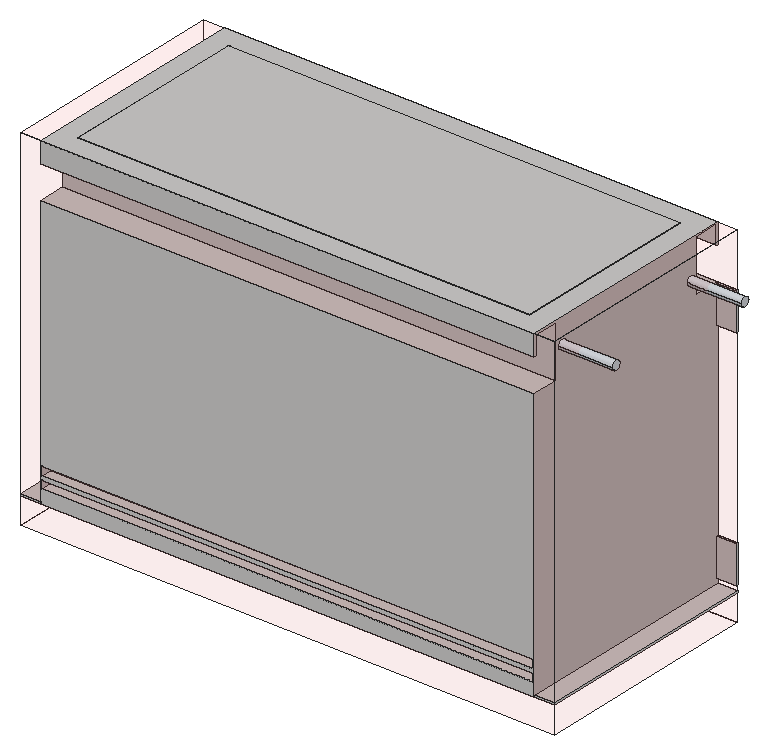
Revit family "Air-Curtain_Climate-Control_PoweredAire_THS", category Mechanical Equipment, host Face, Revit 2022
Family settings
  Host = Face
  Round Connector Dimension = Use Diameter
  Part Type = Normal
  OmniClass Number = 23.75.35.17.21
  OmniClass Title = Air Curtains
  Cut with Voids When Loaded = No
  Maintain Annotation Orientation = No
  Shared = No
  Room Calculation Point = No
Parameters
  upperrotation [instance] = if(Upper Pipe Connection Side A, 0.00°, 180.00°)  # 0.00°
  lowerrotation [instance] = if(Lower Pipe Connection Side A, 0.00°, 180.00°)  # 0.00°
  locateupperpipe [instance] = if(Upper Pipe Connection Side A, 0' 0", Nozzle Width)  # 0' - 0"
  locatelowerpipe [instance] = if(Lower Pipe Connection Side A, 0' 0", Nozzle Width)  # 0' - 0"
  Warranty Duration (Years) = 0
  Upper Pipe Connection Side A [instance] = yes
  Unit Width Notes = "Other Widths available."  # constant formula
  Unit Width = 3' - 3"
  Unit Weight = 0
  Unit Height = 1' - 4 3/4"
  Unit Depth [instance] = if(Include Filters, 2' 1 7/8", 1' 11 3/4")  # 1' - 11 3/4"
  URL = "http://www.poweredaire.com/"
  Test Data = ""
  Temperature Rise_Range = "as Specified"
  Standards Conformance = "as Specified"
  Specification = "http://www.arcat.com/sdspecs/htm04/23_34_33pai.htm"
  SpecWizard = ""
  Sound Pressure = "as Specified"
  Sales Information = "http://www.poweredaire.com/contact_us"
  Revision = "R1_2016-08"
  Projection from Host [instance] = 0' - 2"
  Product Properties = ""
  Product Data = "http://www.arcat.com/arcatcos/cos47/arc47623.html"
  Power Rating = 0 W
  Piping_Water Flow [instance] = 0 GPM
  Piping_Operating Pressure [instance] = 0.00 psi
  Piping_Exit Temperature [instance] = 0 °F
  Piping_Entry Temperature [instance] = 0 °F
  Pipe OD [instance] = 5/8"
  Outlet Volume_Range = "as Specified"
  Outlet Velocity_Range = "as Specified"
  Nozzle Width = if(1 = 1, Unit Width - 0' 3", 0' 0")  # 3' - 0"
  Mounting Width = if(1 = 1, Unit Width - 0' 1 1/2", 0' 0")  # 3' - 1 1/2"
  Mounting Height [instance] = 3' - 6"
  Motor RPM = 0
  Motor HP = 0
  Motor Count = 0
  Model = "As Specified"
  Max Height = 0' - 0"
  Manufacturer Website = "http://www.poweredaire.com/"
  Manufacturer Phone - Toll Free = "888-321-2473"
  Manufacturer Phone = "724-588-3305"
  Manufacturer Fax = "724-588-3371"
  Manufacturer Address = "109 Mortensen Rd.  Greenville, PA 16125"
  Manufacturer = "Powered Aire, Inc"
  Maintenance Schedule (Months) = 0
  Lower Pipe Connection Side A [instance] = yes
  Keynote = "23 34 33"
  Installation-Fabrication = ""
  Installation Phase = ""
  Include Filters [instance] = no
  Include Clearance [instance] = yes
  Heating Element Load = 0 W
  HVAC_Temperature Rise [instance] = 0 °F
  HVAC_Outlet Volume [instance] = 0 CFM
  HVAC_Outlet Velocity Uniformity = 0
  HVAC_Outlet Velocity [instance] = 0 FPM
  HVAC_BTU Input = 0.0 Btu/h
  Green Building-LEED = "http://www.arcat.com/green/clients/leed_data_47623.html"
  Front Grating Material [instance] = Metal - Steel - PoweredAire - Stainless 304 Perforated
  Frame Finish [instance] = Metal - Steel - PoweredAire - Stainless 304
  Expected Lifespan (Years) = 0
  Electrical_Wattage [instance] = Power Rating + Heating Element Load  # 0 W
  Electrical_Voltage [instance] = 0 V
  Electrical_Phase [instance] = 1
  Electrical_Frequency [instance] = 0 Hz
  Electrical_Amperage [instance] = 0 A
  Drawn By = "Sumex Design, Inc. / Robert S. Weygant, CSI, CDT, SCIP"
  Description = "Powered Aire Air Curtain as Specified"
  Default Elevation = 0' - 0"  # constant formula
  Copyright = "©Arcat Inc."
  Construction Details = "http://www.arcat.com/details/powair/prod3336.html"
  Clearance_Top [instance] = 0' - 0"
  Clearance_Side B [instance] = 0' - 0"
  Clearance_Side A [instance] = 0' - 0"
  Clearance_Intake [instance] = 0' - 0"
  Clearance_Bottom [instance] = 0' - 0"
  Clearance Material [instance] = ARCAT Clearance
  Building Codes = ""
  Available Options [instance] = "as Specified"
  Assembly Code = "D3090400"
Reference planes (in)
  plane 1 "Center (Elevation)": y = 0.13818
  plane 2: z = 0
  plane 3 "Center (Left/Right)": x = 0
  plane 4: y = 8.51318
  plane 5: y = -8.23682
  plane 6: x = -19.5
  plane 7: x = 19.5
  plane 8: z = 25.75
  plane 9 "FF": y = -41.86182
  plane 10: z = 2
  plane 11: x = 18
  plane 12: x = -18
  plane 13: y = 8.51318
  plane 14: y = -8.23682
  plane 15: x = -19.5
  plane 16: x = 19.5
  plane 17: z = 25.75
  plane 18: x = 17.9375
  plane 19: x = -17.9375
  plane 20: x = 18
  plane 21: x = 18
  plane 22: y = 6.01318
  plane 23: y = -5.73682
Forms (in)
  Extrusion 1, solid, material "Metal - Steel - PoweredAire - Stainless 304" <- "Frame Finish"
    sketch origin (0, 0, 0) x (0, 1, 0) y (0, 0, 1)
      loop
        line (-8.23682, 2) -> (8.51318, 2) -> (8.51318, 21.8125) -> (6.51318, 21.8125) -> (6.51318, 25.625) -> (8.38818, 25.625) -> (8.38818, 24.25) -> (8.51318, 24.25) -> (8.51318, 25.75) -> (-8.23682, 25.75) -> (-8.23682, 24.25) -> (-8.11182, 24.25) -> (-8.11182, 25.625) -> (-6.23682, 25.625) -> (-6.23682, 21.8125) -> (-8.23682, 21.8125) -> (-8.23682, 2)
    from -18 to 18
  Extrusion 2, solid, material "ARCAT Clearance" <- "Clearance Material", visible <- "Include Clearance"
    sketch origin (0, 0, 0) x (0, 1, 0) y (0, 0, 1)
      loop
        line (-8.23682, 25.75) -> (-8.23682, 0) -> (8.51318, 0) -> (8.51318, 25.75) -> (-8.23682, 25.75)
    from -19.5 to 19.5
  Extrusion 3, solid, material "Metal - Steel - PoweredAire - Stainless 304" <- "Frame Finish"
    sketch origin (-15.17702, -180, 2) x (-1, 0, 0) y (0, -1, 0)
      loop
        line (-33.17702, -188.51318) -> (-33.17702, -171.76318) -> (-34.67702, -171.76318) -> (-34.67702, -188.51318) -> (-33.17702, -188.51318)
      loop
        line (2.82298, -188.51318) -> (4.32298, -188.51318) -> (4.32298, -171.76318) -> (2.82298, -171.76318) -> (2.82298, -188.51318)
    from 0 to 0.125
  Extrusion 4, solid, material "Metal - Steel - PoweredAire - Stainless 304" <- "Frame Finish"
    sketch origin (-11.83813, 8.51318, 48) x (-1, 0, 0) y (0, 0, 1)
      loop
        line (-29.83813, -45.5) -> (-29.83813, -42.75) -> (-31.33813, -42.75) -> (-31.33813, -45.5) -> (-29.83813, -45.5)
      loop
        line (-29.83813, -28.9375) -> (-29.83813, -26.1875) -> (-31.33813, -26.1875) -> (-31.33813, -28.9375) -> (-29.83813, -28.9375)
      loop
        line (6.16187, -45.5) -> (7.66187, -45.5) -> (7.66187, -42.75) -> (6.16187, -42.75) -> (6.16187, -45.5)
      loop
        line (6.16187, -28.9375) -> (7.66187, -28.9375) -> (7.66187, -26.1875) -> (6.16187, -26.1875) -> (6.16187, -28.9375)
    from 0 to -0.125
  Extrusion 5, void
    sketch origin (0, 0, 0) x (0, 1, 0) y (0, 0, 1)
      loop
        line (-8.23682, 3) -> (-7.23682, 3) -> (-7.23682, 4.5) -> (-8.23682, 4.5) -> (-8.23682, 3.82425) -> (-7.38364, 3.82425) -> (-7.38364, 3.57425) -> (-8.23682, 3.57425) -> (-8.23682, 3)
    from -17.9375 to 17.9375
  Extrusion 6, solid, material "Metal - Steel - PoweredAire - Stainless 304 Perforated" <- "Front Grating Material"
    sketch origin (0, -8.23682, 25.75) x (0, 1, 0) y (-1, 0, 0)
      loop
        line (15.25, 16.5) -> (1.5, 16.5) -> (1.5, -16.5) -> (15.25, -16.5) -> (15.25, 16.5)
    from 0 to 0.03125
  Sweep 7, solid
    path origin (18, 6.01318, 0) x (1, 0, 0) y (0, 1, 0)
      loop
        line (0, 0) -> (4, 0)
    profile origin (20, 6.01318, 0) x (0, 1, 0) y (0, 0, 1)
      loop
        circle (0, 23) r 0.3125
  Sweep 8, solid
    path origin (18, -5.73682, 0) x (1, 0, 0) y (0, 1, 0)
      loop
        line (0, 0) -> (4, 0)
    profile origin (20, -5.73682, 0) x (0, 1, 0) y (0, 0, 1)
      loop
        circle (0, 24) r 0.3125
Cuts and joins
  Extrusion 5 cuts Extrusion 1
Lines and regions (in)
  reference lines
    curve 1: line (18, 6.01318, 0) -> (22.75, 6.01318, 0)
    curve 2: line (18, -5.73682, 0) -> (23.75, -5.73682, 0)
Dimensions and locks (in)
  equal spacing: plane 4, plane 1 "Center (Elevation)", plane 5
  "Unit Height": plane 4 to plane 5
  equal spacing: plane 6, plane 3 "Center (Left/Right)", plane 7
  "Unit Width": plane 6 to plane 7
  "Mounting Height": plane 1 "Center (Elevation)" to plane 9 "FF"
  "Projection from Host": plane 10 to level
  "Unit Depth": plane 8 to plane 10
  locked: plane 6 to plane 12 at 1.5
  locked: plane 11 to plane 7 at 1.5
  "Clearance_Side A": plane 7 to plane 16
  "Clearance_Side B": plane 15 to plane 6
  "Clearance_Top": plane 13 to plane 4
  "Clearance_Bottom": plane 5 to plane 14
  "Clearance_Intake": plane 17 to plane 8
  plane 5 to Extrusion 1 sketch curve to Extrusion 1 sketch curve = 0' - 0 1/8" locked, 0' - 1 7/8" locked
  Extrusion 1 sketch curve to Extrusion 1 sketch curve to plane 4 = 0' - 1 7/8" locked, 0' - 0 1/8" locked
  Extrusion 4 sketch curve to Extrusion 4 sketch curve to Extrusion 4 sketch curve to Extrusion 4 sketch curve to plane 10 = 0' - 2 3/4" locked, 1' - 1 13/16" locked, 0' - 2 3/4" locked, 0' - 0 1/2" locked
  Extrusion 4 sketch curve to Extrusion 4 sketch curve to Extrusion 4 sketch curve to Extrusion 4 sketch curve = 0' - 2 3/4" locked, 1' - 1 13/16" locked, 0' - 2 3/4" locked
  locked: Extrusion 4 sketch curve to plane 10 at 0.5
  plane 8 to Extrusion 1 sketch curve to Extrusion 1 sketch curve = 0' - 0 1/8" locked, 0' - 1 3/8" locked  (x2)
  locked: Extrusion 1 sketch curve to plane 10 at 19.8125  (x2)
  Extrusion 5 sketch curve to Extrusion 5 sketch curve to Extrusion 5 sketch curve to Extrusion 5 sketch curve to plane 10 = 0' - 0.67575" locked, 0' - 0 1/4" locked, 0' - 0.57425" locked, 0' - 1" locked
  plane 5 to Extrusion 5 sketch curve to Extrusion 5 sketch curve = 0' - 0.85319" locked, 0' - 0.14681" locked
  locked: plane 19 to plane 12 at 0.0625
  locked: plane 11 to plane 18 at 0.0625
  locked: plane 4 to Extrusion 6 sketch curve at 1.5
  locked: Extrusion 6 sketch curve to plane 5 at 1.5
  locked: Extrusion 6 sketch curve to plane 11 at 1.5
  locked: plane 12 to Extrusion 6 sketch curve at 1.5
  "locateupperpipe": plane 20 to plane 11
  "locatelowerpipe": plane 21 to plane 11
  locked: plane 4 to plane 22 at 2.5
  locked: plane 23 to plane 5 at 2.5
  locked: curve 1 to Sweep 7 sketch curve at 4
  locked: curve 1 to Sweep 7 sketch curve
  locked: Sweep 7 sketch curve to plane 10 at 21
  locked: curve 2 to Sweep 8 sketch curve at 4
  locked: curve 2 to Sweep 8 sketch curve
  locked: Sweep 8 sketch curve to plane 10 at 22
  "upperrotation": angle plane 22 to curve 1
  "lowerrotation": angle plane 23 to curve 2
  aligned and locked: plane 2 to host face
  aligned and locked: level to host face
  aligned and locked: Extrusion 2 sketch curve to plane 17
  aligned and locked: plane 14 to Extrusion 2 sketch curve
  aligned and locked: level to Extrusion 2 sketch curve
  aligned and locked: Extrusion 2 sketch curve to plane 13
  aligned and locked: plane 16 to Extrusion 2
  aligned and locked: Extrusion 2 to plane 15
  aligned and locked: plane 11 to Extrusion 1
  aligned and locked: Extrusion 1 to plane 12
  aligned and locked: plane 21 to curve 2
  aligned and locked: plane 23 to curve 2
  aligned and locked: plane 22 to curve 1
  aligned and locked: plane 20 to curve 1
Automatic sketch dimensions
  host sketch curve to host sketch curve = 8' - 0"  (x2)
  Extrusion 1 sketch curve to plane 5 = 0' - 0"  (x2)
  Extrusion 1 sketch curve to plane 4 = 0' - 0"  (x2)
  Extrusion 1 sketch curve to plane 10 = 0' - 0"
  Extrusion 1 sketch curve to plane 8 = 0' - 0"
  plane 4 to Extrusion 3 sketch curve = 0' - 0"
  Extrusion 3 sketch curve to plane 7 = 0' - 0"
  plane 5 to Extrusion 3 sketch curve = 0' - 0"
  Extrusion 3 sketch curve to plane 11 = 0' - 0"
  Extrusion 3 sketch curve to plane 4 = 0' - 0"
  Extrusion 3 sketch curve to plane 12 = 0' - 0"
  Extrusion 3 sketch curve to plane 6 = 0' - 0"
  Extrusion 3 sketch curve to plane 5 = 0' - 0"
  Extrusion 4 sketch curve to plane 7 = 0' - 0"  (x2)
  Extrusion 4 sketch curve to plane 11 = 0' - 0"  (x2)
  Extrusion 4 sketch curve to plane 12 = 0' - 0"  (x2)
  Extrusion 4 sketch curve to plane 6 = 0' - 0"  (x2)
  Extrusion 5 sketch curve to plane 5 = 0' - 0"  (x2)
  Sweep 7 sketch curve to profile plane = 0' - 0"
  Sweep 8 sketch curve to profile plane = 0' - 0"
  radius of Sweep 7 sketch curve = 0' - 0 5/16"
  radius of Sweep 8 sketch curve = 0' - 0 5/16"
Connectors (in)
  piping at (22, 6.01318, 23), diameter 0.625, driven by "Pipe OD", driven by "Piping_Water Flow"
    settings: on Sweep 7, index 1, connector inside diameter 24", connector length 0' - 0", flow factor 0, pipe flow 0 GPM, pressure drop 0.00 psi, fitting loss kfactor 0, connector angle 0.00°, fixture units 0, engagement length 0' - 0", angle of deflection 0.00°, flow configuration 0, flow direction 0, fitting loss method 0, system type 29, joint type 0, gender type 0, connector reference index -1, connector utility 0, adjustable connector no, is connector primary yes, connector description "Define Supply or Return and Location"
  piping at (22, -5.73682, 24), diameter 0.625, driven by "Pipe OD", driven by "Piping_Water Flow"
    settings: on Sweep 8, index 2, connector inside diameter 24", connector length 0' - 0", flow factor 0, pipe flow 0 GPM, pressure drop 0.00 psi, fitting loss kfactor 0, connector angle 0.00°, fixture units 0, engagement length 0' - 0", angle of deflection 0.00°, flow configuration 0, flow direction 0, fitting loss method 0, system type 29, joint type 0, gender type 0, connector reference index -1, connector utility 0, adjustable connector no, is connector primary no, connector description "Define Supply or Return and Location"
  electrical at (-18, 0.13818, 21.39062), driven by "Electrical_Voltage", driven by "Electrical_Phase"
    settings: on cut or joined group of Extrusion 1, Extrusion 5, index 3, voltage 0 V, apparent load 0 VA, apparent load phase1 0 VA, apparent load phase2 0 VA, apparent load phase3 0 VA, power factor 1, load classification "Motor", number of poles 1, system type 31, power factor state 1, is connector primary yes, connector utility no, sub classification motor no, connector description ""
